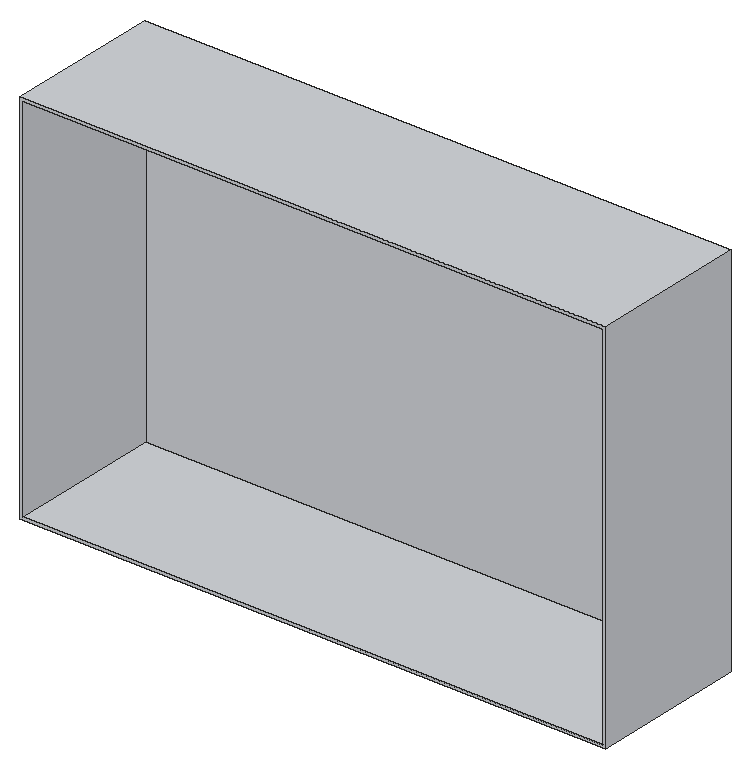
Revit family "Hager-Type B SP&N Distribution Boards-Surface_mounted-IP2XC-Without_Cover-Without_DIN-NoHosted-IE-en", category Electrical Equipment, Revit 2023
Family settings
  Panel Configuration = Two Columns, Circuits Across
  Round Connector Dimension = Use Diameter
  Part Type = Panelboard
  Work Plane-Based = Yes
  Always vertical = Yes
  Cut with Voids When Loaded = No
  Maintain Annotation Orientation = No
  Shared = No
  Room Calculation Point = No
Parameters (values of type "Type B SP&N Distribution Boards-Surface_mounted_W465_H300_D124_0_Modular_Spacing-JK201SE")
  Width Control [instance] = if([HG000006-Flush mounted], if([EF000846 - Built-in width] > min_whd, [EF000846 - Built-in width], min_whd), if([EF000008 - Width] > min_whd, ([EF000008 - Width]), min_whd))  # 465 mm
  Void Depth [instance] = if([EF000218 - Built-in depth] > 1 mm, [EF000218 - Built-in depth], 1 mm)  # 1 mm
  Uniformat code = "D501001"
  Uniformat = "Low Tension Service & Dist."
  Référence = ""
  HG000131 - Functional label [instance] = ""
  HG000130 - Functional name [instance] = ""
  HG000099-Onfly Template ID = "507532"
  HG000059-Operating voltage [instance] = 230 V
  ETIM class name = "Small distribution board"
  ETIM class code = "EC000214"
  EF015941 - Signal passing door = no
  EF015777 - Neutral terminal block = yes
  EF015776 - Earthing terminal block = yes
  EF009212 - Cover model = ""
  EF006306 - With lock = no
  EF006244 - Transparent cover/door = no
  EF005474 - Degree of protection (IP) = "IP2XC"
  EF004462 - Type of closure = ""
  EF002950 - Width in number of modular spacings = 0
  EF001596 - Housing material = ""
  EF001134 - DIN-rail = no
  EF001131 - Inner depth = 0 mm
  EF001088 - Extension possible = no
  EF001062 - EMC-version = no
  EF000846 - Built-in width = 0 mm
  EF000339 - Type of covering = ""
  EF000332 - Built-in height = 0 mm
  EF000266 - Number of rows = 0
  EF000218 - Built-in depth = 0 mm
  EF000118 - With mounting plate = no
  EF000116 - RAL-number = 7035
  EF000049 - Depth = 124 mm
  EF000040 - Height = 300 mm
  EF000008 - Width = 465 mm
  EF000007 - Colour = ""
  EF000003 - Mounting method = "Surface mounted"
  EF004464 - Type of door = ""
  EF000024 - UV resistant = no
  Type Comments = ""
  System Height [instance] = Height Control - 2 * [HG000005-Thickness]  # 446 mm
  Reference description = ""
  Reference = "Type B SP&N Distribution Boards-Surface_mounted_W465_H300_D124_0_Modular_Spacing-JK201SE"
  Panel Name [instance] = ""  # (empty or 0)
  Offset [instance] = 0 mm
  Object type = ""
  Name hager = "ADD_Enclosures_EC000214"
  Name BIM&CO = "Electricity"
  Name = "Type B SP&N Distribution Boards-Surface_mounted-IP2XC-Without_Cover-Without_DIN-IE"
  Model = ""
  Level Offset [instance] = [Flush Mounted - Door Frame Width] + Offset  # 50 mm
  HGEF002950-Width in number of modular spacings = 0
  HGEF000266-Number of rows = 0
  HG000060-RAL-number = "7035"
  HG000017-Distance between poles = 18 mm
  HG000016-Door 3D visibility = yes
  HG000015-Clearance visibility = yes
  HG000014-Door on the right = yes
  HG000013-Door on the left = not([HG000014-Door on the right])  # no
  HG000012-Door swing angle = 90.00°
  HG000011-Empty rows from bottom = no
  HG000010-Asymmetric doors = no
  HG000009-Double swing door = no
  HG000008-Number of empty rows = 0
  HG000007-Number of empty columns = 0
  HG000006-Flush mounted = no
  HG000005-Thickness = 2 mm
  HG000004-Manufacturer reference = "JK201SE"
  HG000003-Range = "Type B SP&N Distribution Boards"
  HG000002-With door or cover = no
  HG000001-Number of columns = 0
  GTIN (Global Trade Item Number) = ""
  Description = ""
  Default Elevation = 1200 mm
  Creation Date = "12/17/2025 20:14:13"
  Code hager = "ADD-EC000214_EU"
  Code Uniformat = ""
  BIM&CO code = ""
  BC_VARIANT_ID = "1178628"
  BC_OBJECT_VERSION = "#1"  # constant formula
  BC_OBJECT_ID = "513824"  # constant formula
  BC_MODEL_ID = "1554203"  # constant formula
  BC_METADATA = "{\"ObjectGuid\":\"bc35c96e-cb38-443e-833d-0616858cb9ac\",\"ModelGuid\":\"8af03f69-2293-4735-a617-cc53adf55621\",\"VariantGuid\":\"8b6e323b-1b53-409a-a940-11b5a7fc5337\",\"Revision\":\"#4\",\"VariantName\":\"Template-Enclosure_EU-EC000214\"}"
  Arrow Offset [instance] = Depth Control / 8  # 18.75 mm
  Arrow Height [instance] = Depth Control - Arrow Offset  # 131.25 mm
  Host Offset [instance] = if([HG000006-Flush mounted], 0 mm, [EF000049 - Depth])  # 124 mm
  min_whd [instance] = (2 * [HG000005-Thickness]) + 1 mm  # 5 mm
  Manufacturer = "Hager"  # constant formula
  Height Control [instance] = if([HG000006-Flush mounted], if([EF000332 - Built-in height] > min_whd, [EF000332 - Built-in height], min_whd), if([EF000040 - Height] > min_whd, ([EF000040 - Height]), min_whd))  # 300 mm
  Flush Mounted - Door Frame Width [instance] = if(([EF000040 - Height] - [EF000332 - Built-in height]) > 0 mm, if([HG000006-Flush mounted], [EF000040 - Height] - [EF000332 - Built-in height], 0 mm), 0 mm)  # 0 mm
  Depth Control [instance] = if([HG000006-Flush mounted], if([EF000218 - Built-in depth] > 0 mm, [EF000218 - Built-in depth], 1 mm), if([EF000049 - Depth] > 0 mm, ([EF000049 - Depth]), 1 mm))  # 124 mm
Reference planes
  plane 1 "Center (Front/Back)": y = 0
  plane 2: z = 0
  plane 3 "Center (Left/Right)": x = 0
  plane 4: y = 2
  plane 5: y = 0
  plane 6: y = 0
  plane 7: z = 0
  plane 8: x = -232.5
  plane 9: x = 232.5
  plane 10: x = 230.5
  plane 11: x = -230.5
  plane 12: z = 50
  plane 13: z = 52
  plane 14: y = -119
  plane 15: y = -124
  plane 16: y = -2
  plane 17: z = 348
  plane 18: z = 350
  plane 19: z = 200
  plane 20: x = 0
  plane 21: y = -100
  plane 22 "Annotation H": y = -300
  plane 23 "Annotation V": x = 432.5
Forms (mm)
  Extrusion 1, solid
    sketch origin (-208.679, -4572, 50) x (-1, 0, 0) y (0, -1, 0)
      loop
        line (23.821, -4448) -> (-441.179, -4448) -> (-441.179, -4572) -> (23.821, -4572) -> (23.821, -4448)
    from 0 to 300 <- "Height Control"
  Extrusion 2, void
    sketch origin (-350.771, -124, 1219.2) x (1, 0, 0) y (0, 0, 1)
      loop
        line (120.271, -871.2) -> (120.271, -1167.2) -> (581.271, -1167.2) -> (581.271, -871.2) -> (120.271, -871.2)
    from 0 to -122
  Extrusion 3, solid, detail levels coarse+medium
    sketch origin (-350.771, -124, 1219.2) x (-1, 0, 0) y (0, 0, 1)
      loop
        line (-120.271, -871.2) -> (-581.271, -871.2) -> (-581.271, -1167.2) -> (-120.271, -1167.2) -> (-120.271, -871.2)
    from 0 to 2 <- "HG000005-Thickness"
Cuts and joins
  Extrusion 2 cuts Extrusion 1
Dimensions and locks
  "Flush Mounted - Door Frame Width": plane 1 "Center (Front/Back)" to plane 6
  "HG000005-Thickness": plane 4 to plane 6
  "HG000005-Thickness": plane 8 to plane 11
  "HG000005-Thickness": plane 9 to plane 10
  equal spacing: plane 8, plane 3 "Center (Left/Right)", plane 9
  "Width Control": plane 8 to plane 9
  locked: plane 14 to plane 15 at 5
  "Host Offset": plane 1 "Center (Front/Back)" to plane 15
  "Depth Control": plane 5 to plane 15
  "HG000005-Thickness": plane 5 to plane 16
  "HG000005-Thickness": plane 13 to plane 12
  "Level Offset": plane 12 to level
  "HG000005-Thickness": plane 18 to plane 17
  "Height Control": plane 18 to plane 12
  "Arrow Offset": plane 5 to nested 4
  equal spacing: plane 18, plane 19, plane 12
  locked: connector elem to plane 19
  locked: connector elem to plane 3 "Center (Left/Right)"
  Extrusion 2 sketch curve to Extrusion 2 sketch curve to plane 9 = 461 mm, 2 mm
  locked: plane 9 to plane 23 "Annotation V" at 200
  locked: plane 22 "Annotation H" to plane 1 "Center (Front/Back)" at 300
  aligned and locked: nested 1 to plane 14
  aligned and locked: plane 3 "Center (Left/Right)" to nested 1
  aligned and locked: plane 3 "Center (Left/Right)" to nested 2
  aligned and locked: nested 2 to plane 15
  aligned and locked: plane 5 to Extrusion 1
  aligned and locked: Extrusion 3 sketch curve to plane 17
  aligned and locked: Extrusion 3 sketch curve to plane 11
  aligned and locked: Extrusion 3 sketch curve to plane 13
  aligned and locked: Extrusion 3 sketch curve to plane 10
  aligned and locked: Extrusion 2 sketch curve to plane 13
  aligned and locked: Extrusion 2 sketch curve to plane 17
  aligned and locked: plane 16 to Extrusion 2
  aligned and locked: plane 5 to Extrusion 1 sketch curve
  aligned and locked: plane 9 to Extrusion 1 sketch curve
  aligned and locked: plane 8 to Extrusion 1 sketch curve
  aligned and locked: plane 8 to nested 4
  aligned and locked: plane 8 to nested 3
  aligned and locked: nested 3 to plane 5
  aligned and locked: Extrusion 1 sketch curve to plane 15
  aligned and locked: Extrusion 2 to plane 15
  aligned and locked: nested 5 to plane 22 "Annotation H"
  aligned and locked: plane 23 "Annotation V" to nested 5
  aligned and locked: plane 11 to Extrusion 2
  aligned and locked: plane 10 to Extrusion 2
Nested families
  nested 1: "Hager_Enclosure_System" at (0, -119, 52), Flush_Mounted <- "HG000006-Flush mounted", Height <- "System Height", Width_Control <- "Width Control", Row_Module_Multiplicator <- "HGEF002950-Width in number of modular spacings", Empty_Columns <- "HG000007-Number of empty columns", Border <- "HG000005-Thickness", Total_No_Empty_Rows <- "HG000008-Number of empty rows", Depth <- "HG000005-Thickness", Empty_Rows_From_Bottom <- "HG000011-Empty rows from bottom", Distance_Between_Poles <- "HG000017-Distance between poles", Rows_Count <- "HGEF000266-Number of rows", Columns_Count <- "HG000001-Number of columns", Built-in_Width <- "EF000846 - Built-in width", Width <- "EF000008 - Width", type "Hager_Enclosure_System", detail levels medium+fine
    with Width_Control 465 mm, Width 465 mm, Total_No_Rows 0, Total_No_Empty_Rows 0, Total_No_Columns 1, System_Width 461 mm, Rows_Count 0, Rows_Column 0, Row_Module_Multiplicator 0, Panel_4 no, Panel_3 no, Panel_2 no, Panel_1 no, No_Panels_Ctrl 1, Hide_Columns yes, Height 446 mm, Flush_Mounted no, Empty_Rows_From_Bottom no, Empty_Rows_Column 0, Empty_Columns 0, Empty column 4 0, Empty column 3 0, Empty column 2 0, Empty column 1 0, Distance_Between_Poles 18 mm, Depth 2 mm, Columns_Count 0, Column_Width 461 mm, Built-in_Width 0 mm, Border 2 mm
  nested 2: "Hager_Enclosure_Door" at (0, -124, 50), Double <- "HG000009-Double swing door", Height_Ctrl <- "Height Control", Angle <- "HG000012-Door swing angle", Door_Right <- "HG000014-Door on the right", Assymetrical <- "HG000010-Asymmetric doors", Flush_Mounted <- "HG000006-Flush mounted", Door <- "HG000002-With door or cover", Width_Ctrl <- "Width Control", 3d_Door <- "HG000016-Door 3D visibility", Border <- "HG000005-Thickness", Clearance <- "HG000015-Clearance visibility", Door_Left <- "HG000013-Door on the left", BuiltIn_Depth <- "EF000218 - Built-in depth", Depth <- "EF000049 - Depth", BuiltIn_Width <- "EF000846 - Built-in width", Height <- "EF000040 - Height", BuiltIn_Height <- "EF000332 - Built-in height", Width <- "EF000008 - Width", Transparent <- "EF006244 - Transparent cover/door", type "Hager_Enclosure_Door", detail levels medium+fine
    with min_wh 5 mm, Width_Ctrl 465 mm, Width 465 mm, Transparent_Door_No_Bottom_Border no, Transparent no, Leaf_Width 458 mm, Leaf_Tolerance 1.5 mm, Leaf_Height 293 mm, Leaf_2_Width 458 mm, Leaf_2_Offset 229 mm, Leaf_1_Width 458 mm, Leaf_1_Offset 229 mm, Height_Ctrl 300 mm, Height 300 mm, Frame_Width_Ctrl 465 mm, Frame_Width 465 mm, Frame_Internal_Offset 0 mm, Frame_Height_Ctrl 300 mm, Frame_Height 300 mm, Frame_Depth_Ctrl 1 mm, Frame_Depth 0 mm, Flush_Mounted no, Double_Clearance_Ctrl no, Double no, Door_Right_Ctrl no, Door_Right yes, Door_Left_Ctrl no, Door_Left no, Door no, Depth 124 mm, Clearance_Depth 458 mm, Clearance_Ctrl yes, Clearance yes, BuiltIn_Width 0 mm, BuiltIn_Height 0 mm, BuiltIn_Depth 0 mm, Border 2 mm, Assymetrical no, Angle 90.00°, 3d_Door yes
  nested 3: "Hager_Enclosure_Symbol_Triangle" at (-232.5, 0, 0), Depth <- "Depth Control", Width <- "Width Control", type "Hager_Enclosure_Symbol_Triangle"
    with Width_Ctrl 465 mm, Width 465 mm, Depth_Ctrl 124 mm, Depth 124 mm
  nested 4: "Hager_Enclosure_Symbol_Arrow" at (-232.5, -18.75, 0), Height <- "Arrow Height", type "Hager_Enclosure_Symbol_Arrow"
    with Width_Inside 9.844 mm, Width 118.125 mm, Height_Ctrl 131.25 mm, Height 131.25 mm
  nested 5: "Hager_Annotation-HG000130" at (432.5, -300, 0), HG000130 - Functional name <- "HG000130 - Functional name", type "Hager_Annotation-HG000130"
    with HG000130 - Functional name ""
Connectors
  electrical at (0, 0, 200), driven by "HG000059-Operating voltage"
    settings: on plane 5, index 1, voltage 230 V, apparent load 0 VA, apparent load phase1 0 VA, apparent load phase2 0 VA, apparent load phase3 0 VA, power factor 1, load classification "Other", number of poles 1, system type 30, power factor state 1, is connector primary yes, connector utility no, sub classification motor no, connector description ""
Definition of nested family "Hager_Enclosure_Door"
  Parameters (values of type "Hager_Enclosure_Door")
    min_wh [instance] = (2 * Border) + 1 mm  # 11 mm
    Width_Ctrl [instance] = 400 mm
    Width [instance] = 500 mm
    Transparent_Door_No_Bottom_Border [instance] = no
    Transparent [instance] = yes
    Leaf_Width [instance] = if((Width_Ctrl - 2 * Border - 2 * Leaf_Tolerance) > 0 mm, (Width_Ctrl - 2 * Border - 2 * Leaf_Tolerance), min_wh)  # 387 mm
    Leaf_Tolerance [instance] = 1.5 mm  # constant formula
    Leaf_Height [instance] = if((Height_Ctrl - 2 * Border - 2 * Leaf_Tolerance) > 0 mm, (Height_Ctrl - 2 * Border - 2 * Leaf_Tolerance), min_wh)  # 387 mm
    Leaf_2_Width [instance] = if(and(and(Double, Assymetrical), Door_Left), (Leaf_Width / 3) - (Leaf_Tolerance / 2), if(and(and(Double, Assymetrical), Door_Right), (Leaf_Width / 3) * 2 - (Leaf_Tolerance / 2), if(and(Double, not(Assymetrical)), (Leaf_Width / 2) - Leaf_Tolerance, Leaf_Width)))  # 387 mm
    Leaf_2_Offset [instance] = if(and(Double, Assymetrical), Leaf_2_Width / 2, if(and(Double, not(Assymetrical)), Leaf_Width / 4, Leaf_Width / 2))  # 193.5 mm
    Leaf_1_Width [instance] = if(and(and(Double, Assymetrical), Door_Right), (Leaf_Width / 3) - (Leaf_Tolerance / 2), if(and(and(Double, Assymetrical), Door_Left), (Width / 3) * 2 - (Leaf_Tolerance / 2), if(and(Double, not(Assymetrical)), (Leaf_Width / 2) - Leaf_Tolerance, Leaf_Width)))  # 387 mm
    Leaf_1_Offset [instance] = if(and(Double, Assymetrical), Leaf_1_Width / 2, if(and(Double, not(Assymetrical)), Leaf_Width / 4, Leaf_Width / 2))  # 193.5 mm
    Height_Ctrl [instance] = 400 mm
    Height [instance] = 500 mm
    Frame_Width_Ctrl [instance] = if(Frame_Width > 0 mm, Frame_Width, 1 mm)  # 1 mm
    Frame_Width [instance] = Width - BuiltIn_Width  # 0 mm
    Frame_Internal_Offset [instance] = if(Flush_Mounted, Border, 0 mm)  # 5 mm
    Frame_Height_Ctrl [instance] = if(Frame_Height > 0 mm, Frame_Height, 1 mm)  # 1 mm
    Frame_Height [instance] = Height - BuiltIn_Height  # 0 mm
    Frame_Depth_Ctrl [instance] = if(Frame_Depth > 0 mm, Frame_Depth, 1 mm)  # 1 mm
    Frame_Depth [instance] = if(Depth - BuiltIn_Depth > 0 mm, if(Flush_Mounted, Depth - BuiltIn_Depth, 0 mm), 0 mm)  # 0 mm
    Flush_Mounted [instance] = yes
    Double_Clearance_Ctrl [instance] = and(Double, Clearance)  # no
    Double [instance] = no
    Door_Right_Ctrl [instance] = and(or(Door_Right, Double), Door)  # yes
    Door_Right [instance] = yes
    Door_Left_Ctrl [instance] = and(or(Door_Left, Double), Door)  # no
    Door_Left [instance] = no
    Door [instance] = yes
    Depth [instance] = 500 mm
    Default Elevation = 1219.2 mm
    Clearance_Material = none
    Clearance_Depth [instance] = if(Leaf_1_Width > Leaf_2_Width, Leaf_1_Width, Leaf_2_Width)  # 387 mm
    Clearance_Ctrl [instance] = and(not(Double), Clearance)  # yes
    Clearance [instance] = yes
    BuiltIn_Width [instance] = 500 mm
    BuiltIn_Height [instance] = 500 mm
    BuiltIn_Depth [instance] = 500 mm
    Border [instance] = 5 mm
    Assymetrical [instance] = yes
    Angle [instance] = 30.00°
    3d_Door [instance] = yes
  Reference planes
    plane 1 "Center (Front/Back)": y = 0
    plane 2 "Bottom": z = 0
    plane 3 "Center (Left/Right)": x = 0
    plane 4: z = 400
    plane 5: x = -200
    plane 6: x = 200
    plane 7: z = 395
    plane 8: x = -195
    plane 9: z = 5
    plane 10: x = 195
    plane 11: y = 0
    plane 12: z = 6.5
    plane 13: x = -582
    plane 14: y = -387
    plane 15: x = 582
    plane 16: x = 0
    plane 17: x = 0
    plane 18: x = -193.5
    plane 19: x = 193.5
    plane 20: z = 393.5
  Forms (mm)
    Extrusion 1, solid, visible <- "Flush_Mounted"
      sketch origin (0, 0, 0) x (1, 0, 0) y (0, 0, 1)
        loop
          line (195, 5) -> (195, 395) -> (-195, 395) -> (-195, 5) -> (195, 5)
        loop
          line (-201, 401) -> (-201, -1) -> (201, -1) -> (201, 401) -> (-201, 401)
      from 0 to 1 <- "Frame_Depth_Ctrl"
    Extrusion 2, solid, material <- "Clearance_Material", visible <- "Double_Clearance_Ctrl"
      sketch origin (1200, 0, 0) x (1, 0, 0) y (0, 0, -1)
        loop
          line (-1782, -393.5) -> (-618, -393.5) -> (-618, 0) -> (-1782, 0) -> (-1782, -393.5)
      from 0 to -387
  Dimensions and locks
    equal spacing: plane 5, plane 3 "Center (Left/Right)", plane 6
    "Width_Ctrl": plane 5 to plane 6
    "Border": plane 5 to plane 8
    "Border": plane 6 to plane 10
    "Border": plane 9 to level
    "Border": plane 4 to plane 7
    "Height_Ctrl": plane 4 to level
    "Leaf_Tolerance": plane 12 to plane 9
    "Frame_Depth": plane 11 to plane 1 "Center (Front/Back)"
    "Frame_Width_Ctrl": plane 5 to Extrusion 1 sketch curve
    "Frame_Width_Ctrl": plane 6 to Extrusion 1 sketch curve
    "Frame_Width_Ctrl": Extrusion 1 sketch curve to plane 4
    "Frame_Width_Ctrl": plane 2 "Bottom" to Extrusion 1 sketch curve
    "Leaf_1_Offset": plane 18 to plane 16
    "Leaf_2_Offset": plane 17 to plane 19
    "Leaf_1_Width": plane 13 to plane 8
    "Leaf_2_Width": plane 10 to plane 15
    "Clearance_Depth": plane 14 to plane 1 "Center (Front/Back)"
    "Leaf_Tolerance": plane 8 to plane 18
    "Leaf_Tolerance": plane 19 to plane 10
    "Leaf_Tolerance": plane 7 to plane 20
    "Frame_Internal_Offset": plane 5 to Extrusion 1 sketch curve
    "Frame_Internal_Offset": Extrusion 1 sketch curve to plane 2 "Bottom"
    "Frame_Internal_Offset": plane 6 to Extrusion 1 sketch curve
    "Frame_Internal_Offset": plane 4 to Extrusion 1 sketch curve
    aligned and locked: level to plane 2 "Bottom"
    aligned and locked: nested 1 to plane 16
    aligned and locked: nested 2 to plane 17
    aligned and locked: Extrusion 2 to plane 13
    aligned and locked: plane 15 to Extrusion 2
    aligned and locked: Extrusion 2 to plane 14
    aligned and locked: plane 12 to nested 1
    aligned and locked: nested 2 to plane 12
    aligned and locked: Extrusion 2 to plane 11
    aligned and locked: plane 20 to Extrusion 2
    aligned and locked: nested 2 to plane 11
    aligned and locked: nested 1 to plane 11
  Automatic sketch dimensions
    Extrusion 2 sketch curve to level = 0 mm
    plane 5 to Extrusion 2 sketch curve = 382 mm
    plane 6 to Extrusion 2 sketch curve = 382 mm
    Extrusion 2 sketch curve to plane 4 = 6.5 mm
  Nested families
    nested 1: "Hager_Enclosure_Door_Leaf" at (0, 0, 6.5), Width <- "Leaf_1_Width", visible <- "Door_Left_Ctrl", Leaf_Height <- "Leaf_Height", Angle <- "Angle", Depth <- "Border", 3d_Door <- "3d_Door", Transparent <- "Transparent", Clearance Material <- "Clearance_Material", Clearance <- "Clearance_Ctrl", Transparent_Door_No_Bottom_Border <- "Transparent_Door_No_Bottom_Border", type "Hager_Enclosure_Door_Leaf"
      with Width 387 mm, Transparent_Door_No_Bottom_Border no, Transparent_Door_Border_Bottom_Top 25 mm, Transparent_Door_Border 25 mm, Transparent_Ctrl yes, Transparent yes, Standard no, Leaf_Height 387 mm, Glass_Offset 1 mm, Depth 5 mm, Clearance Material none, Clearance yes, Angle_Ctrl 30.00°, Angle 30.00°, 3d_Door yes
    nested 2: "Hager_Enclosure_Door_Leaf" at (0, 0, 6.5) x (-1, 0, 0) z (0, 0, 1), Width <- "Leaf_2_Width", visible <- "Door_Right_Ctrl", Leaf_Height <- "Leaf_Height", Angle <- "Angle", Depth <- "Border", 3d_Door <- "3d_Door", Transparent <- "Transparent", Clearance Material <- "Clearance_Material", Clearance <- "Clearance_Ctrl", Transparent_Door_No_Bottom_Border <- "Transparent_Door_No_Bottom_Border", type "Hager_Enclosure_Door_Leaf"
      with Width 387 mm, Transparent_Door_No_Bottom_Border no, Transparent_Door_Border_Bottom_Top 25 mm, Transparent_Door_Border 25 mm, Transparent_Ctrl yes, Transparent yes, Standard no, Leaf_Height 387 mm, Glass_Offset 1 mm, Depth 5 mm, Clearance Material none, Clearance yes, Angle_Ctrl 30.00°, Angle 30.00°, 3d_Door yes
  Definition of nested family "Hager_Enclosure_Door_Leaf"
    Parameters (values of type "Hager_Enclosure_Door_Leaf")
      Width [instance] = 2000 mm
      Transparent_Door_No_Bottom_Border [instance] = yes
      Transparent_Door_Border_Bottom_Top [instance] = if(Transparent_Door_No_Bottom_Border, 0.1 mm, Transparent_Door_Border)  # 0.1 mm
      Transparent_Door_Border [instance] = if(Transparent_Door_No_Bottom_Border, (Width * 0.12), 25 mm)  # 240 mm
      Transparent_Ctrl [instance] = and(Transparent, [3d_Door])  # yes
      Transparent [instance] = yes
      Standard [instance] = and(not(Transparent), [3d_Door])  # no
      Leaf_Height [instance] = 2720.336 mm
      Glass_Offset [instance] = if((Depth - 10 mm) / 2 > 0 mm, (Depth - 10 mm) / 2, 1 mm)  # 15 mm
      Glass_Material = none
      Depth [instance] = 40 mm
      Default Elevation = 0 mm
      Clearance Material [instance] = none
      Clearance [instance] = yes
      Angle_Ctrl [instance] = if(Angle > 170.00°, 170.00°, Angle)  # 45.00°
      Angle [instance] = 45.00°
      3d_Door [instance] = yes
    Reference planes
      plane 1 "Center (Front/Back)": y = 0
      plane 2: z = 0
      plane 3 "Center (Left/Right)": x = 0
      plane 4: y = 2000
      plane 5: x = -1000
      plane 6: x = 1000
      plane 7: x = -3000
      plane 8: z = 2720.336
      plane 9: z = 0.1
      plane 10: z = 2720.236
      plane 11: x = 760
      plane 12: x = -760
    Forms (mm)
      Extrusion 1, solid, material <- "Clearance Material", visible <- "Clearance"
        sketch origin (0, 0, 0) x (1, 0, 0) y (0, 0, 1)
          loop
            line (-3000, 2720.336) -> (-3000, 0) -> (1000, 0) -> (1000, 2720.336) -> (-3000, 2720.336)
        from 0 to -2000
      Extrusion 2, solid, visible <- "Standard", detail levels medium+fine
        sketch origin (-1000, 0, 0) x (0.707107, 0.707107, 0) y (-0.707107, 0.707107, 0)
          loop
            line (0, -40) -> (2000, -40) -> (2000, 0) -> (0, 0) -> (0, -40)
        from 0 to 2720.336 <- "Leaf_Height"
      Extrusion 3, solid, visible <- "Transparent_Ctrl", detail levels medium+fine
        sketch origin (-1000, 0, 0) x (0.707107, 0.707107, 0) y (-0.707107, 0.707107, 0)
          loop
            line (0, -40) -> (2000, -40) -> (2000, 0) -> (0, 0) -> (0, -40)
        from 0 to 2720.336 <- "Leaf_Height"
      Extrusion 4, void, detail levels medium+fine
        sketch origin (-1000, 0, 0) x (-0.707107, 0.707107, 0) y (0.707107, 0.707107, 0)
          loop
            line (0, 240) -> (0, 1760) -> (-40, 1760) -> (-40, 240) -> (0, 240)
        from -2720.236 to -0.1
      Extrusion 5, solid, material <- "Glass_Material", visible <- "Transparent_Ctrl", detail levels medium+fine
        sketch origin (-1000, 0, 0) x (0.707107, 0.707107, 0) y (-0.707107, 0.707107, 0)
          loop
            line (240, -15) -> (240, -25) -> (1760, -25) -> (1760, -15) -> (240, -15)
        from 0.1 to 2720.236
    Cuts and joins
      Extrusion 4 cuts Extrusion 3
    Lines and regions (mm)
      symbolic lines
        curve 1: line (1000, 0, 0) -> (-3000, 0, 0)
        curve 2: arc (1000, 0, 0) -> (-1000, 2000, 0) -> (-3000, 0, 0) r 2000
        curve 4: line (-1000, 0, 0) -> (414.214, 1414.214, 0)
      reference lines
        curve 3: line (-1000, 0, 0) -> (414.214, 1414.214, 0)
      symbolic lines, detail levels medium+fine
        curve 5: line (414.214, 1414.214, 0) -> (442.498, 1385.929, 0)
        curve 6: line (442.498, 1385.929, 0) -> (-971.716, -28.284, 0)
        curve 7: line (-971.716, -28.284, 0) -> (-1000, 0, 0)
        curve 8: line (-1000, 0, 2720.336) -> (1000, 0, 2720.336)
        curve 9: line (-1000, 0, 0) -> (-1000, 0, 2720.336)
        curve 10: line (1000, 0, 0) -> (-1000, 0, 0)
        curve 11: line (1000, 0, 2720.336) -> (1000, 0, 0)
      symbolic lines, visible <- "Transparent_Ctrl", detail levels medium+fine
        curve 12: line (-760, 0, 2720.236) -> (760, 0, 2720.236)
        curve 13: line (-760, 0, 0.1) -> (-760, 0, 2720.236)
        curve 14: line (760, 0, 0.1) -> (-760, 0, 0.1)
        curve 15: line (760, 0, 2720.236) -> (760, 0, 0.1)
    Dimensions and locks
      "Width": plane 1 "Center (Front/Back)" to plane 4
      equal spacing: plane 5, plane 3 "Center (Left/Right)", plane 6
      "Width": plane 5 to plane 6
      "Width": plane 7 to plane 5
      "Leaf_Height": plane 8 to level
      "Depth": curve 6 to curve 3
      "Width": curve 5 to curve 3
      "Width": curve 3 to curve 3
      "Transparent_Door_Border": Extrusion 4 sketch curve to curve 7
      "Transparent_Door_Border": Extrusion 4 sketch curve to curve 5
      "Transparent_Door_Border_Bottom_Top": plane 8 to plane 10
      "Transparent_Door_Border_Bottom_Top": plane 9 to level
      "Glass_Offset": Extrusion 5 sketch curve to curve 4
      "Glass_Offset": Extrusion 5 sketch curve to curve 6
      "Transparent_Door_Border": Extrusion 5 sketch curve to curve 5
      "Transparent_Door_Border": Extrusion 5 sketch curve to curve 7
      "Transparent_Door_Border": plane 12 to plane 5
      "Transparent_Door_Border": plane 6 to plane 11
      "Angle_Ctrl": angle plane 1 "Center (Front/Back)" to curve 3
      aligned and locked: level to plane 2
      aligned and locked: Extrusion 1 to curve 1
      aligned and locked: plane 6 to Extrusion 1
      aligned and locked: Extrusion 1 to plane 1 "Center (Front/Back)"
      aligned and locked: plane 4 to Extrusion 1
      aligned and locked: plane 8 to Extrusion 1
      aligned and locked: curve 4 to curve 3
      aligned and locked: Extrusion 2 sketch curve to curve 7
      aligned and locked: Extrusion 2 sketch curve to curve 6
      aligned and locked: Extrusion 2 sketch curve to curve 5
      aligned and locked: Extrusion 2 sketch curve to curve 3
      aligned and locked: curve 7 to Extrusion 3 sketch curve
      aligned and locked: Extrusion 3 sketch curve to curve 4
      aligned and locked: Extrusion 3 sketch curve to curve 6
      aligned and locked: Extrusion 3 sketch curve to curve 5
      aligned and locked: curve 4 to Extrusion 4 sketch curve
      aligned and locked: curve 6 to Extrusion 4 sketch curve
      aligned and locked: Extrusion 4 to plane 9
      aligned and locked: Extrusion 4 to plane 10
      aligned and locked: Extrusion 5 to plane 9
      aligned and locked: Extrusion 5 to plane 10
      aligned and locked: curve 8 to plane 8
      aligned and locked: plane 5 to curve 9
      aligned and locked: plane 2 to curve 10
      aligned and locked: curve 11 to plane 6
      aligned and locked: plane 10 to curve 12
      aligned and locked: plane 12 to curve 13
      aligned and locked: curve 14 to plane 9
      aligned and locked: plane 11 to curve 15
    Automatic sketch dimensions
      plane 1 "Center (Front/Back)" to curve 2 = 0 mm
      curve 2 to plane 5 = 0 mm
      Extrusion 1 sketch curve to level = 0 mm
      Extrusion 1 sketch curve to plane 7 = 0 mm
      Extrusion 1 sketch curve to plane 6 = 0 mm
      Extrusion 1 sketch curve to plane 8 = 0 mm
      plane 1 "Center (Front/Back)" to curve 3 = 0 mm
      curve 3 to plane 5 = 0 mm
      curve 7 to curve 3 = 0 mm
Definition of nested family "Hager_Enclosure_Symbol_Triangle"
  Parameters (values of type "Hager_Enclosure_Symbol_Triangle")
    Width_Ctrl [instance] = if(Width > 1 mm, Width, 1 mm)  # 498 mm
    Width [instance] = 498 mm
    Depth_Ctrl [instance] = if(Depth > 1 mm, Depth, 1 mm)  # 72 mm
    Depth [instance] = 72 mm
  Reference planes
    plane 1 "Centre (avant/arrière)": y = 0
    plane 2: z = 0
    plane 3 "Centre (gauche/droite)": x = 0
  Lines and regions (mm)
    Filled region 1, type "Solid_Black", in view "Niveau de réf."
      outline origin (0, 0, 0) x (1, 0, 0) y (0, 1, 0)
        loop
          line (0, 0) -> (498, 0) -> (498, 72) -> (0, 0)
    reference lines, in view "Niveau de réf."
      curve 1: line (-206.153, 72, 0) -> (1083.258, 72, 0)
      curve 2: line (498, 405.456, 0) -> (498, -517.619, 0)
  Dimensions and locks
    "Depth_Ctrl": plane 1 "Centre (avant/arrière)" to curve 1
    "Width_Ctrl": plane 3 "Centre (gauche/droite)" to curve 2
    aligned and locked: curve 1 to Filled region 1 sketch curve
    aligned and locked: Filled region 1 sketch curve to plane 1 "Centre (avant/arrière)"
    aligned and locked: curve 2 to Filled region 1 sketch curve
    aligned and locked: plane 3 "Centre (gauche/droite)" to Filled region 1 sketch curve
    aligned and locked: plane 1 "Centre (avant/arrière)" to Filled region 1 sketch curve
  Automatic sketch dimensions
    curve 1 to plane 3 "Centre (gauche/droite)" = 206.153 mm
    curve 2 to curve 1 = 585.258 mm
    plane 1 "Centre (avant/arrière)" to curve 2 = 517.619 mm
    curve 2 to plane 1 "Centre (avant/arrière)" = 405.456 mm
Definition of nested family "Hager_Enclosure_Symbol_Arrow"
  Parameters (values of type "Hager_Enclosure_Symbol_Arrow")
    Width_Inside [instance] = if(Width / 12 > 2 mm, Width / 12, 2 mm)  # 4.987 mm
    Width [instance] = if(Height_Ctrl * 0.9 > 2 mm, Height_Ctrl * 0.9, 2 mm)  # 59.85 mm
    Height_Ctrl [instance] = if(Height > 2 mm, Height, 2 mm)  # 66.5 mm
    Height [instance] = 66.5 mm
  Reference planes
    plane 1 "Centre (avant/arrière)": y = 0
    plane 2: z = 0
    plane 3 "Centre (gauche/droite)": x = 0
    plane 4: x = 59.85
    plane 5: y = 28.263
    plane 6: y = 38.238
    plane 7: y = 66.5
    plane 8: x = 29.925
    plane 9: y = 33.25
  Lines and regions (mm)
    Filled region 1, type "Solid_Black", in view "Niveau de réf."
      outline origin (0, 0, 0) x (1, 0, 0) y (0, 1, 0)
        loop
          line (59.85, 66.5) -> (37.929, 52.827) -> (51.846, 41.935) -> (59.85, 66.5)
    detail lines, in view "Niveau de réf."
      curve 1: line (0, 0, 0) -> (29.925, 38.238, 0)
      curve 2: line (29.925, 38.238, 0) -> (29.925, 28.263, 0)
      curve 3: line (29.925, 28.263, 0) -> (59.85, 66.5, 0)
  Dimensions and locks
    "Width": plane 3 "Centre (gauche/droite)" to plane 4
    "Height_Ctrl": plane 7 to plane 1 "Centre (avant/arrière)"
    equal spacing: plane 3 "Centre (gauche/droite)", plane 8, plane 4
    equal spacing: plane 7, plane 9, plane 1 "Centre (avant/arrière)"
    equal spacing: plane 6, plane 9, plane 5
    "Width_Inside": plane 6 to plane 9
    equal spacing: curve 3, Filled region 1 sketch curve, Filled region 1 sketch curve
    angle Filled region 1 sketch curve to curve 3 = 20.00°
    angle curve 3 to Filled region 1 sketch curve = 20.00°
    locked: curve 3 to Filled region 1 sketch curve (angle 90.00°)
  Automatic sketch dimensions
    plane 1 "Centre (avant/arrière)" to curve 1 = 0 mm
    curve 1 to plane 3 "Centre (gauche/droite)" = 0 mm
    curve 2 to plane 6 = 0 mm
    curve 3 to plane 8 = 0 mm
    curve 3 to plane 4 = 0 mm
    curve 2 to plane 5 = 0 mm
    curve 3 to plane 7 = 0 mm
    Filled region 1 sketch curve to plane 4 = 0 mm
    Filled region 1 sketch curve to plane 7 = 0 mm
Definition of nested family "Hager_Annotation-HG000130"
  Parameters (values of type "Hager_Annotation-HG000130")
    HG000130 - Functional name [instance] = ""
  Reference planes
    plane 1: y = 0
    plane 2: x = 0
  Lines and regions (mm)
    detail lines
      curve 1: line (-27.5, 10, 0) -> (27.5, 10, 0)
      curve 2: line (-27.5, -10, 0) -> (-27.5, 10, 0)
      curve 3: line (27.5, -10, 0) -> (-27.5, -10, 0)
      curve 4: line (27.5, 10, 0) -> (27.5, -10, 0)
  Text (mm)
    label "HG000130 - Functional name" at (0.16, 0.026, 0), shows "HG000130 - Functional name"
